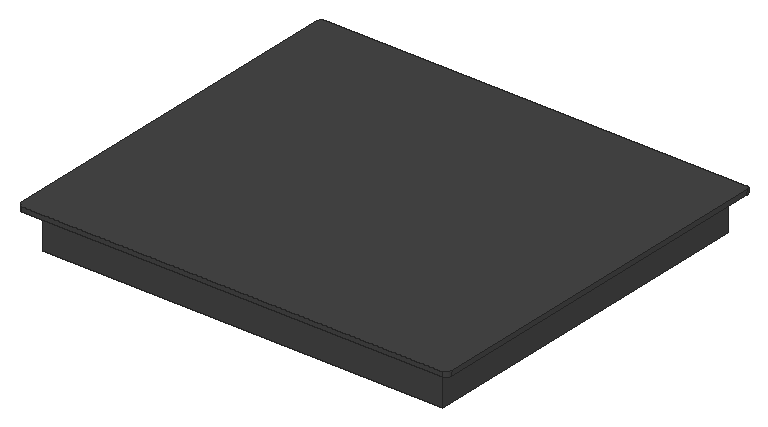
Revit family "Qf_Summit_SINC4B241B_24 inches 208-240V 4-Zone Induction Cooktop", category Specialty Equipment, Revit 2020
Family settings
  Round Connector Dimension = Use Diameter
  Part Type = Normal
  Work Plane-Based = No
  Always vertical = Yes
  Cut with Voids When Loaded = No
  Shared = No
  Room Calculation Point = No
Parameters
  Weight in Pounds = 25
  Watts = FL Amps * Volts  # 7200 W
  Volts = 240 V
  URL Cutsheet = ""
  Specification by User = ""
  Specification by Manufacturer = ""
  Show Clearance [instance] = yes
  Serial Number = ""
  Seismic Rating = ""
  SMACNA No = ""
  Revision Code = ""
  Phase = 1
  Number of Poles = 1
  NAFEM Spec ID Number = ""
  Model = "SINC4B241B"
  Min Ckt Ampacity = 0 A
  Max Overcurrent Protection = 0 A
  Masterspec = ""
  Manufacturer = "Summit"
  Length = 23 1/4"
  Item Number = ""
  Installed By = ""
  Identify Quantity as Lot = yes
  Height = 2"
  HP = ""
  Furnished By = ""
  Foodservice Equipment Identifier = yes
  FL Amps = 30 A
  Electrical Remarks = ""
  Electric Connection Type = ""
  Elec Conn RI Height = 0"
  Elec Conn Connection Height = 0"
  Description = "24\" Wide 208-240V 4-Zone Induction Cooktop"
  Depth = 20 1/2"
  Default Elevation = 0"
  Cycle = 60 Hz
  Conn Plug = ""
  Conn Conduit = yes
  CSI MasterFormat = ""
  Apparent Power = 828 VA
Reference planes (in)
  plane 1: z = 0
  plane 2 "LEFT": x = 0
  plane 3 "RIGHT": x = 23.25
  plane 4 "FRONT": y = -21.25
  plane 5 "TOP": z = 2
  plane 6 "Center Y": x = 11.625
  plane 7 "Center X": y = -11
  plane 8 "BACK": y = -0.75
  plane 9: z = 2.25
  plane 10: x = 22.4375
  plane 11: x = 0.8125
  plane 12: y = -1.3125
  plane 13: y = -20.5625
Forms (in)
  Extrusion 1, solid, material "QF_Metallic_Paint_Black_Glossy"
    sketch origin (0, 0, 0) x (1, 0, 0) y (0, 1, 0)
      loop
        line (0, -1) -> (0, -20.9375)
        arc (0, -20.9375) -> (0.06782, -21.13949) -> (0.25, -21.25) r 0.31002
        line (0.25, -21.25) -> (23, -21.25)
        arc (23, -21.25) -> (23.18218, -21.13949) -> (23.25, -20.9375) r 0.31002
        line (23.25, -20.9375) -> (23.25, -1)
        arc (23.25, -1) -> (23.17678, -0.82322) -> (23, -0.75) r 0.25
        line (23, -0.75) -> (0.25, -0.75)
        arc (0.25, -0.75) -> (0.07322, -0.82322) -> (0, -1) r 0.25
    from 2 to 2.25
  Extrusion 2, solid, material "QF_Metallic_Paint_Black_Glossy"
    sketch origin (0, 0, 0) x (1, 0, 0) y (0, 1, 0)
      loop
        line (0.8125, -20.5625) -> (22.4375, -20.5625) -> (22.4375, -1.3125) -> (0.8125, -1.3125) -> (0.8125, -20.5625)
    from 0 to 2
  Extrusion 3, solid, material "QF_Metallic_Paint_Black_Glossy"
    sketch origin (1.75, -19.5, 18.75) x (1, 0, 0) y (0, 0, 1)
      loop
        circle (9.875, -17.80912) r 0.25
    from -18.75 to -18.1875
Cuts and joins
  joined: Extrusion 2, Extrusion 3
Lines and regions (in)
  Split face 1
    outline origin (0, 0, 2.25) x (1, 0, 0) y (0, 1, 0)
      loop
        circle (6, -13.75) r 4.125
  Split face 2
    outline origin (11.5, 7.46819, 2.25) x (1, 0, 0) y (0, 1, 0)
      loop
        circle (6, -13.75) r 4.125
  Split face 3
    outline origin (11.5, -1.375, 2.25) x (1, 0, 0) y (0, 1, 0)
      loop
        circle (6, -13.375) r 3.125
  Split face 4
    outline origin (0, 8.125, 2.25) x (1, 0, 0) y (0, 1, 0)
      loop
        circle (6, -13.375) r 3.125
  Split face 5
    outline origin (0, 0, 2.25) x (1, 0, 0) y (0, 1, 0)
      loop
        arc (1.46084, -1.96656) -> (1.33611, -1.99586) -> (1.21257, -2.02981) r 3.41796
        line (1.21257, -2.02981) -> (1.21257, -2.25177)
        arc (1.21257, -2.25177) -> (1.29303, -2.28553) -> (1.37512, -2.31512) r 1.69989
        arc (1.37512, -2.31512) -> (1.29445, -2.31552) -> (1.21378, -2.31581) r 56.83919
        arc (1.21378, -2.31581) -> (1.21298, -2.38844) -> (1.21297, -2.46107) r 6.69198
        arc (1.21297, -2.46107) -> (1.33682, -2.46166) -> (1.46067, -2.46155) r 22.00507
        arc (1.46067, -2.46155) -> (1.46144, -2.31385) -> (1.46184, -2.16615) r 57.82097
        arc (1.46184, -2.16615) -> (1.38954, -2.16643) -> (1.31724, -2.16748) r 6.80227
        line (1.31724, -2.16748) -> (1.4612, -2.10932)
        arc (1.4612, -2.10932) -> (1.46177, -2.03794) -> (1.46084, -1.96656) r 3.38174
  Split face 6
    outline origin (0.32748, 0.08775, 2.25) x (1, 0, 0) y (0, 1, 0)
      loop
        arc (1.18846, -2.04192) -> (1.18798, -2.29547) -> (1.18731, -2.54902) r 348.03451
        arc (1.18731, -2.54902) -> (1.32534, -2.54998) -> (1.46337, -2.54969) r 15.27091
        line (1.46337, -2.54969) -> (1.4658, -1.97067)
        arc (1.4658, -1.97067) -> (1.40549, -1.98584) -> (1.34535, -2.00166) r 5.81974
        arc (1.34535, -2.00166) -> (1.34567, -2.18825) -> (1.34526, -2.37484) r 48.29115
        arc (1.34526, -2.37484) -> (1.34369, -2.40576) -> (1.32634, -2.43139) r 0.05762
        arc (1.32634, -2.43139) -> (1.30851, -2.40402) -> (1.30885, -2.37137) r 0.05637
        arc (1.30885, -2.37137) -> (1.30628, -2.19124) -> (1.30626, -2.01109) r 12.71544
        arc (1.30626, -2.01109) -> (1.24733, -2.0264) -> (1.18846, -2.04192) r 17.52104
  Split face 7
    outline origin (0.77528, 0.1994, 2.25) x (1, 0, 0) y (0, 1, 0)
      loop
        arc (1.18833, -2.04142) -> (1.13036, -2.0563) -> (1.0723, -2.0708) r 9.01053
        line (1.0723, -2.0708) -> (1.0723, -2.66096) -> (1.17974, -2.66061)
        arc (1.17974, -2.66061) -> (1.17837, -2.58629) -> (1.18321, -2.51211) r 0.88988
        arc (1.18321, -2.51211) -> (1.21323, -2.58427) -> (1.2259, -2.6614) r 0.33829
        arc (1.2259, -2.6614) -> (1.26284, -2.66122) -> (1.29978, -2.66138) r 4.02643
        arc (1.29978, -2.66138) -> (1.3167, -2.56853) -> (1.33483, -2.47591) r 7.17478
        arc (1.33483, -2.47591) -> (1.33803, -2.45649) -> (1.34895, -2.44012) r 0.04662
        arc (1.34895, -2.44012) -> (1.35578, -2.46102) -> (1.35556, -2.48302) r 0.06776
        arc (1.35556, -2.48302) -> (1.35457, -2.57198) -> (1.35415, -2.66094) r 13.87596
        arc (1.35415, -2.66094) -> (1.41012, -2.66109) -> (1.46608, -2.66099) r 12.38941
        line (1.46608, -2.66099) -> (1.46564, -1.97015)
        arc (1.46564, -1.97015) -> (1.40477, -1.98627) -> (1.34356, -2.00105) r 2.87858
        arc (1.34356, -2.00105) -> (1.31608, -2.16273) -> (1.28697, -2.32414) r 16.38927
        arc (1.28697, -2.32414) -> (1.28342, -2.33945) -> (1.27247, -2.35072) r 0.02931
        arc (1.27247, -2.35072) -> (1.25583, -2.32192) -> (1.2494, -2.28929) r 0.10139
        arc (1.2494, -2.28929) -> (1.21856, -2.16543) -> (1.18833, -2.04142) r 25.67724
  Split face 8
    outline origin (1.25317, 0.1994, 2.25) x (1, 0, 0) y (0, 1, 0)
      loop
        arc (1.16519, -2.00109) -> (1.10404, -1.98624) -> (1.04319, -1.9702) r 3.23537
        line (1.04319, -1.9702) -> (1.04266, -2.66099)
        arc (1.04266, -2.66099) -> (1.09863, -2.66109) -> (1.15461, -2.66094) r 12.39444
        arc (1.15461, -2.66094) -> (1.15416, -2.5719) -> (1.15316, -2.48286) r 14.11448
        arc (1.15316, -2.48286) -> (1.15299, -2.46094) -> (1.15982, -2.44012) r 0.06789
        arc (1.15982, -2.44012) -> (1.17075, -2.45651) -> (1.17394, -2.47595) r 0.04659
        arc (1.17394, -2.47595) -> (1.19206, -2.56855) -> (1.20897, -2.66138) r 7.24307
        arc (1.20897, -2.66138) -> (1.24593, -2.66122) -> (1.28289, -2.6614) r 4.02906
        arc (1.28289, -2.6614) -> (1.29554, -2.58427) -> (1.32558, -2.51211) r 0.3379
        arc (1.32558, -2.51211) -> (1.33038, -2.58629) -> (1.32903, -2.66061) r 0.89684
        line (1.32903, -2.66061) -> (1.43641, -2.66096) -> (1.43641, -2.0708)
        arc (1.43641, -2.0708) -> (1.37839, -2.0563) -> (1.32047, -2.04142) r 9.14137
        arc (1.32047, -2.04142) -> (1.29018, -2.16541) -> (1.25929, -2.28925) r 26.57757
        arc (1.25929, -2.28925) -> (1.2529, -2.32192) -> (1.23622, -2.35073) r 0.10091
        arc (1.23622, -2.35073) -> (1.2253, -2.33942) -> (1.2218, -2.32409) r 0.02927
        arc (1.2218, -2.32409) -> (1.19267, -2.16274) -> (1.16519, -2.00109) r 16.0015
  Split face 9
    outline origin (1.48385, 0.14123, 2.25) x (1, 0, 0) y (0, 1, 0)
      loop
        line (1.2612, -2.08344) -> (1.2612, -2.60308)
        arc (1.2612, -2.60308) -> (1.32479, -2.60343) -> (1.38839, -2.60265) r 3.58564
        arc (1.38839, -2.60265) -> (1.38863, -2.33138) -> (1.38903, -2.06011) r 432.84498
        arc (1.38903, -2.06011) -> (1.32546, -2.04385) -> (1.26173, -2.02822) r 6.58774
        arc (1.26173, -2.02822) -> (1.26137, -2.05583) -> (1.2612, -2.08344) r 4.03767
  Split face 10
    outline origin (2.02093, 0.14123, 2.25) x (1, 0, 0) y (0, 1, 0)
      loop
        arc (0.90317, -2.07431) -> (0.90314, -2.14037) -> (0.90316, -2.20643) r 108.79921
        line (0.90316, -2.20643) -> (1.02491, -2.23791) -> (1.02559, -2.603) -> (1.15226, -2.60321) -> (1.15226, -2.43703) -> (1.15226, -2.27084) -> (1.27836, -2.30322)
        arc (1.27836, -2.30322) -> (1.2783, -2.23759) -> (1.27838, -2.17195) r 28.91032
        arc (1.27838, -2.17195) -> (1.0906, -2.1238) -> (0.90317, -2.07431) r 27.07386
  Split face 11
    outline origin (0, 0, 2.25) x (1, 0, 0) y (0, 1, 0)
      loop
        circle (6, -5.25) r 3.07495
  Split face 12
    outline origin (11.5, -9.5, 2.25) x (1, 0, 0) y (0, 1, 0)
      loop
        circle (6, -5.25) r 2.88432
  Split face 13
    outline origin (0, 0, 2.25) x (1, 0, 0) y (0, 1, 0)
      loop
        circle (17.5, -6.25) r 4.07036
  Split face 14
    outline origin (-11.5, -7.46819, 2.25) x (1, 0, 0) y (0, 1, 0)
      loop
        circle (17.5, -6.25) r 3.8775
  Split face 15
    outline origin (11.5, -9.5, 2.25) x (1, 0, 0) y (0, 1, 0)
      loop
        circle (6, -5.25) r 3.07495
  Split face 16
    outline origin (0, 0, 2.25) x (1, 0, 0) y (0, 1, 0)
      loop
        circle (6, -5.25) r 2.9375
  Split face 17
    outline origin (11.5, -9.5, 2.25) x (1, 0, 0) y (0, 1, 0)
      loop
        circle (6, -5.25) r 2.9375
  Split face 18
    outline origin (0, 0, 2.25) x (1, 0, 0) y (0, 1, 0)
      loop
        circle (6, -5.25) r 2.88432
  Split face 19
    outline origin (-11.5, -7.5, 2.25) x (1, 0, 0) y (0, 1, 0)
      loop
        circle (17.5, -6.25) r 4.07036
  Split face 20
    outline origin (0, 0, 2.25) x (1, 0, 0) y (0, 1, 0)
      loop
        circle (17.5, -6.25) r 3.81335
  Split face 21
    outline origin (-11.5, -7.5, 2.25) x (1, 0, 0) y (0, 1, 0)
      loop
        circle (17.5, -6.25) r 3.81335
  Split face 22
    outline origin (0, 0.03181, 2.25) x (1, 0, 0) y (0, 1, 0)
      loop
        circle (17.5, -6.25) r 3.8775
  Split face 23
    outline origin (3.20922, 0.7607, 2.25) x (1, 0, 0) y (0, 1, 0)
      loop
        circle (7.5, -19.75) r 0.375
  Split face 24
    outline origin (5.20922, 0.7607, 2.25) x (1, 0, 0) y (0, 1, 0)
      loop
        circle (7.5, -19.75) r 0.375
  Split face 25
    outline origin (7.25, 0, 2.25) x (1, 0, 0) y (0, 1, 0)
      loop
        circle (7.5, -19.75) r 0.375
  Split face 26
    outline origin (8.25, 0, 2.25) x (1, 0, 0) y (0, 1, 0)
      loop
        circle (7.5, -19.75) r 0.375
  Split face 27
    outline origin (9.15298, 0, 2.25) x (1, 0, 0) y (0, 1, 0)
      loop
        circle (6.59702, -19.75) r 0.21256
  Split face 28
    outline origin (8.15298, 0, 2.25) x (1, 0, 0) y (0, 1, 0)
      loop
        circle (6.59702, -19.75) r 0.34194
  Split face 29
    outline origin (16.02071, 1.0067, 2.25) x (0, 1, 0) y (-1, 0, 0)
      loop
        circle (-19.85939, 5.45621) r 0.14044
  Split face 30
    outline origin (15.32497, 0.53848, 2.25) x (0, 1, 0) y (-1, 0, 0)
      loop
        line (-20.35095, 5.6138) -> (-20.53848, 5.61575) -> (-20.53848, 1.61575) -> (-20.16348, 1.61575) -> (-20.35095, 5.6138)
  Split face 31
    outline origin (15.38129, 1.0067, 2.25) x (0, 1, 0) y (-1, 0, 0)
      loop
        circle (-19.85987, 4.81773) r 0.13153
  Split face 32
    outline origin (15.82315, 1.39926, 2.25) x (0, 1, 0) y (-1, 0, 0)
      loop
        circle (-19.85987, 4.81773) r 0.13153
  Split face 33
    outline origin (15.6366, 1.28577, 2.25) x (0, 1, 0) y (-1, 0, 0)
      loop
        circle (-20.27405, 4.92738) r 0.36076
  Split face 34
    outline origin (7.39773, 1.0067, 2.25) x (1, 0, 0) y (0, 1, 0)
      loop
        circle (5.45621, -19.85939) r 0.14044
  Split face 35
    outline origin (8.03716, 1.0067, 2.25) x (1, 0, 0) y (0, 1, 0)
      loop
        circle (4.81773, -19.85987) r 0.13153
  Split face 36
    outline origin (7.78185, 1.28577, 2.25) x (1, 0, 0) y (0, 1, 0)
      loop
        circle (4.92738, -20.27405) r 0.36076
  Split face 37
    outline origin (8.10819, 0.8548, 2.25) x (1, 0, 0) y (0, 1, 0)
      loop
        circle (6.64074, -20.60504) r 0.33037
  Split face 38
    outline origin (7.38715, 1.25448, 2.25) x (1, 0, 0) y (0, 1, 0)
      loop
        circle (7.36178, -21.00472) r 0.36442
  Split face 39
    outline origin (9.10819, 0.8548, 2.25) x (1, 0, 0) y (0, 1, 0)
      loop
        circle (6.64074, -20.60504) r 0.23196
  Split face 40
    outline origin (8.38715, 1.25448, 2.25) x (1, 0, 0) y (0, 1, 0)
      loop
        circle (7.36178, -21.00472) r 0.36024
  Split face 41
    outline origin (1, 0, 2.25) x (1, 0, 0) y (0, 1, 0)
      loop
        circle (7.5, -19.75) r 0.375
  Split face 42
    outline origin (1.90298, 0, 2.25) x (1, 0, 0) y (0, 1, 0)
      loop
        circle (6.59702, -19.75) r 0.34194
  Split face 43
    outline origin (1.85819, 0.8548, 2.25) x (1, 0, 0) y (0, 1, 0)
      loop
        circle (6.64074, -20.60504) r 0.33037
  Split face 44
    outline origin (1.13715, 1.25448, 2.25) x (1, 0, 0) y (0, 1, 0)
      loop
        circle (7.36178, -21.00472) r 0.36442
  Split face 45
    outline origin (0, 0, 2.25) x (1, 0, 0) y (0, 1, 0)
      loop
        circle (7.5, -19.75) r 0.375
  Split face 46
    outline origin (0.90298, 0, 2.25) x (1, 0, 0) y (0, 1, 0)
      loop
        circle (6.59702, -19.75) r 0.34194
  Split face 47
    outline origin (0.85819, 0.8548, 2.25) x (1, 0, 0) y (0, 1, 0)
      loop
        circle (6.64074, -20.60504) r 0.33037
  Split face 48
    outline origin (0.13715, 1.25448, 2.25) x (1, 0, 0) y (0, 1, 0)
      loop
        circle (7.36178, -21.00472) r 0.36442
  symbolic lines
    curve 1: line (23, -0.75, 0) -> (0.25, -0.75, 0)
    curve 2: arc (0.25, -0.75, 0) -> (0.07322, -0.82322, 0) -> (0, -1, 0) r 0.25
    curve 3: line (0, -1, 0) -> (0, -20.9375, 0)
    curve 4: arc (0, -20.9375, 0) -> (0.06782, -21.13949, 0) -> (0.25, -21.25, 0) r 0.31002
    curve 5: line (0.25, -21.25, 0) -> (23, -21.25, 0)
    curve 6: arc (23, -21.25, 0) -> (23.18218, -21.13949, 0) -> (23.25, -20.9375, 0) r 0.31002
    curve 7: line (23.25, -20.9375, 0) -> (23.25, -1, 0)
    curve 8: arc (23.25, -1, 0) -> (23.17678, -0.82322, 0) -> (23, -0.75, 0) r 0.25
    curve 9: arc (1.37512, -2.31512, 0) -> (1.29445, -2.31552, 0) -> (1.21378, -2.31581, 0) r 56.83919
    curve 10: arc (1.21378, -2.31581, 0) -> (1.21298, -2.38844, 0) -> (1.21297, -2.46107, 0) r 6.69198
    curve 11: arc (1.21297, -2.46107, 0) -> (1.33682, -2.46166, 0) -> (1.46067, -2.46155, 0) r 22.00507
    curve 12: arc (1.46067, -2.46155, 0) -> (1.46144, -2.31385, 0) -> (1.46184, -2.16615, 0) r 57.82097
    curve 13: arc (1.46184, -2.16615, 0) -> (1.38954, -2.16643, 0) -> (1.31724, -2.16748, 0) r 6.80227
    curve 14: line (1.31724, -2.16748, 0) -> (1.4612, -2.10932, 0)
    curve 15: arc (1.4612, -2.10932, 0) -> (1.46177, -2.03794, 0) -> (1.46084, -1.96656, 0) r 3.38174
    curve 16: arc (1.46084, -1.96656, 0) -> (1.33611, -1.99586, 0) -> (1.21257, -2.02981, 0) r 3.41796
    curve 17: line (1.21257, -2.02981, 0) -> (1.21257, -2.25177, 0)
    curve 18: arc (1.21257, -2.25177, 0) -> (1.29303, -2.28553, 0) -> (1.37512, -2.31512, 0) r 1.69989
    curve 19: arc (1.51594, -1.95417, 0) -> (1.51546, -2.20772, 0) -> (1.51479, -2.46127, 0) r 348.03451
    curve 20: arc (1.51479, -2.46127, 0) -> (1.65282, -2.46223, 0) -> (1.79085, -2.46194, 0) r 15.27091
    curve 21: line (1.79085, -2.46194, 0) -> (1.79328, -1.88292, 0)
    curve 22: arc (1.79328, -1.88292, 0) -> (1.73297, -1.89809, 0) -> (1.67283, -1.91391, 0) r 5.81974
    curve 23: arc (1.67283, -1.91391, 0) -> (1.67315, -2.1005, 0) -> (1.67274, -2.2871, 0) r 48.29115
    curve 24: arc (1.67274, -2.2871, 0) -> (1.67117, -2.31801, 0) -> (1.65382, -2.34364, 0) r 0.05762
    curve 25: arc (1.65382, -2.34364, 0) -> (1.63599, -2.31628, 0) -> (1.63633, -2.28362, 0) r 0.05637
    curve 26: arc (1.63633, -2.28362, 0) -> (1.63376, -2.10349, 0) -> (1.63374, -1.92334, 0) r 12.71544
    curve 27: arc (1.63374, -1.92334, 0) -> (1.57481, -1.93866, 0) -> (1.51594, -1.95417, 0) r 17.52104
    curve 28: line (1.84758, -1.8714, 0) -> (1.84758, -2.46156, 0)
    curve 29: line (1.84758, -2.46156, 0) -> (1.95502, -2.46121, 0)
    curve 30: arc (1.95502, -2.46121, 0) -> (1.95365, -2.38689, 0) -> (1.95849, -2.31271, 0) r 0.88988
    curve 31: arc (1.95849, -2.31271, 0) -> (1.98852, -2.38488, 0) -> (2.00118, -2.462, 0) r 0.33829
    curve 32: arc (2.00118, -2.462, 0) -> (2.03812, -2.46182, 0) -> (2.07507, -2.46198, 0) r 4.02643
    curve 33: arc (2.07507, -2.46198, 0) -> (2.09198, -2.36913, 0) -> (2.11011, -2.27651, 0) r 7.17478
    curve 34: arc (2.11011, -2.27651, 0) -> (2.11331, -2.25709, 0) -> (2.12423, -2.24072, 0) r 0.04662
    curve 35: arc (2.12423, -2.24072, 0) -> (2.13106, -2.26163, 0) -> (2.13084, -2.28362, 0) r 0.06776
    curve 36: arc (2.13084, -2.28362, 0) -> (2.12985, -2.37258, 0) -> (2.12944, -2.46154, 0) r 13.87596
    curve 37: arc (2.12944, -2.46154, 0) -> (2.1854, -2.4617, 0) -> (2.24136, -2.46159, 0) r 12.38941
    curve 38: line (2.24136, -2.46159, 0) -> (2.24092, -1.77076, 0)
    curve 39: arc (2.24092, -1.77076, 0) -> (2.18005, -1.78687, 0) -> (2.11884, -1.80165, 0) r 2.87858
    curve 40: arc (2.11884, -1.80165, 0) -> (2.09136, -1.96334, 0) -> (2.06226, -2.12474, 0) r 16.38927
    curve 41: arc (2.06226, -2.12474, 0) -> (2.05871, -2.14005, 0) -> (2.04776, -2.15132, 0) r 0.02931
    curve 42: arc (2.04776, -2.15132, 0) -> (2.03111, -2.12252, 0) -> (2.02469, -2.08989, 0) r 0.10139
    curve 43: arc (2.02469, -2.08989, 0) -> (1.99384, -1.96603, 0) -> (1.96361, -1.84202, 0) r 25.67724
    curve 44: arc (1.96361, -1.84202, 0) -> (1.90565, -1.8569, 0) -> (1.84758, -1.8714, 0) r 9.01053
    curve 45: line (2.29636, -1.7708, 0) -> (2.29583, -2.46159, 0)
    curve 46: arc (2.29583, -2.46159, 0) -> (2.3518, -2.4617, 0) -> (2.40777, -2.46154, 0) r 12.39444
    curve 47: arc (2.40777, -2.46154, 0) -> (2.40733, -2.3725, 0) -> (2.40633, -2.28346, 0) r 14.11448
    curve 48: arc (2.40633, -2.28346, 0) -> (2.40616, -2.26155, 0) -> (2.41298, -2.24072, 0) r 0.06789
    curve 49: arc (2.41298, -2.24072, 0) -> (2.42392, -2.25711, 0) -> (2.42711, -2.27655, 0) r 0.04659
    curve 50: arc (2.42711, -2.27655, 0) -> (2.44522, -2.36915, 0) -> (2.46213, -2.46198, 0) r 7.24307
    curve 51: arc (2.46213, -2.46198, 0) -> (2.4991, -2.46182, 0) -> (2.53606, -2.462, 0) r 4.02906
    curve 52: arc (2.53606, -2.462, 0) -> (2.54871, -2.38487, 0) -> (2.57875, -2.31271, 0) r 0.3379
    curve 53: arc (2.57875, -2.31271, 0) -> (2.58355, -2.38689, 0) -> (2.5822, -2.46121, 0) r 0.89684
    curve 54: line (2.5822, -2.46121, 0) -> (2.68958, -2.46156, 0)
    curve 55: line (2.68958, -2.46156, 0) -> (2.68958, -1.8714, 0)
    curve 56: arc (2.68958, -1.8714, 0) -> (2.63156, -1.8569, 0) -> (2.57364, -1.84202, 0) r 9.14137
    curve 57: arc (2.57364, -1.84202, 0) -> (2.54335, -1.96601, 0) -> (2.51246, -2.08985, 0) r 26.57757
    curve 58: arc (2.51246, -2.08985, 0) -> (2.50606, -2.12252, 0) -> (2.48939, -2.15133, 0) r 0.10091
    curve 59: arc (2.48939, -2.15133, 0) -> (2.47847, -2.14002, 0) -> (2.47497, -2.12469, 0) r 0.02927
    curve 60: arc (2.47497, -2.12469, 0) -> (2.44584, -1.96334, 0) -> (2.41835, -1.8017, 0) r 16.0015
    curve 61: arc (2.41835, -1.8017, 0) -> (2.35721, -1.78684, 0) -> (2.29636, -1.7708, 0) r 3.23537
    curve 62: line (2.74505, -1.94221, 0) -> (2.74505, -2.46185, 0)
    curve 63: arc (2.74505, -2.46185, 0) -> (2.80864, -2.46219, 0) -> (2.87224, -2.46142, 0) r 3.58564
    curve 64: arc (2.87224, -2.46142, 0) -> (2.87248, -2.19014, 0) -> (2.87289, -1.91887, 0) r 432.84498
    curve 65: arc (2.87289, -1.91887, 0) -> (2.80931, -1.90261, 0) -> (2.74558, -1.88699, 0) r 6.58774
    curve 66: arc (2.74558, -1.88699, 0) -> (2.74522, -1.9146, 0) -> (2.74505, -1.94221, 0) r 4.03767
    curve 67: line (3.04651, -2.46177, 0) -> (3.04584, -2.09667, 0)
    curve 68: line (3.04584, -2.09667, 0) -> (2.92408, -2.06519, 0)
    curve 69: arc (2.92408, -2.06519, 0) -> (2.92407, -1.99914, 0) -> (2.9241, -1.93308, 0) r 108.79921
    curve 70: arc (2.9241, -1.93308, 0) -> (3.11153, -1.98257, 0) -> (3.29931, -2.03072, 0) r 27.07386
    curve 71: arc (3.29931, -2.03072, 0) -> (3.29922, -2.09635, 0) -> (3.29929, -2.16199, 0) r 28.91032
    curve 72: line (3.29929, -2.16199, 0) -> (3.17319, -2.12961, 0)
    curve 73: line (3.17319, -2.12961, 0) -> (3.17319, -2.29579, 0)
    curve 74: line (3.17319, -2.29579, 0) -> (3.17319, -2.46198, 0)
    curve 75: line (3.17319, -2.46198, 0) -> (3.04651, -2.46177, 0)
    curve 76: arc (2.875, -5.25, 0) -> (6, -2.125, 0) -> (9.125, -5.25, 0) r 3.125
    curve 77: arc (9.125, -5.25, 0) -> (6, -8.375, 0) -> (2.875, -5.25, 0) r 3.125
    curve 78: arc (9.07495, -5.25, 0) -> (6, -2.17505, 0) -> (2.92505, -5.25, 0) r 3.07495
    curve 79: arc (2.92505, -5.25, 0) -> (6, -8.32495, 0) -> (9.07495, -5.25, 0) r 3.07495
    curve 80: arc (3.0625, -5.25, 0) -> (6, -2.3125, 0) -> (8.9375, -5.25, 0) r 2.9375
    curve 81: arc (8.9375, -5.25, 0) -> (6, -8.1875, 0) -> (3.0625, -5.25, 0) r 2.9375
    curve 82: arc (3.11568, -5.25, 0) -> (6, -2.36568, 0) -> (8.88432, -5.25, 0) r 2.88432
    curve 83: arc (8.88432, -5.25, 0) -> (6, -8.13432, 0) -> (3.11568, -5.25, 0) r 2.88432
    curve 84: arc (21.57036, -6.25, 0) -> (17.5, -2.17964, 0) -> (13.42964, -6.25, 0) r 4.07036
    curve 85: arc (13.42964, -6.25, 0) -> (17.5, -10.32036, 0) -> (21.57036, -6.25, 0) r 4.07036
    curve 86: arc (21.625, -6.28181, 0) -> (17.5, -2.15681, 0) -> (13.375, -6.28181, 0) r 4.125
    curve 87: arc (13.375, -6.28181, 0) -> (17.5, -10.40681, 0) -> (21.625, -6.28181, 0) r 4.125
    curve 88: arc (21.3775, -6.21819, 0) -> (17.5, -2.34069, 0) -> (13.6225, -6.21819, 0) r 3.8775
    curve 89: arc (13.6225, -6.21819, 0) -> (17.5, -10.09569, 0) -> (21.3775, -6.21819, 0) r 3.8775
    curve 90: arc (21.31335, -6.25, 0) -> (17.5, -2.43665, 0) -> (13.68665, -6.25, 0) r 3.81335
    curve 91: arc (13.68665, -6.25, 0) -> (17.5, -10.06335, 0) -> (21.31335, -6.25, 0) r 3.81335
    curve 92: arc (20.57495, -14.75, 0) -> (17.5, -11.67505, 0) -> (14.42505, -14.75, 0) r 3.07495
    curve 93: arc (14.42505, -14.75, 0) -> (17.5, -17.82495, 0) -> (20.57495, -14.75, 0) r 3.07495
    curve 94: arc (20.625, -14.75, 0) -> (17.5, -11.625, 0) -> (14.375, -14.75, 0) r 3.125
    curve 95: arc (14.375, -14.75, 0) -> (17.5, -17.875, 0) -> (20.625, -14.75, 0) r 3.125
    curve 96: arc (14.61568, -14.75, 0) -> (17.5, -11.86568, 0) -> (20.38432, -14.75, 0) r 2.88432
    curve 97: arc (20.38432, -14.75, 0) -> (17.5, -17.63432, 0) -> (14.61568, -14.75, 0) r 2.88432
    curve 98: arc (14.5625, -14.75, 0) -> (17.5, -11.8125, 0) -> (20.4375, -14.75, 0) r 2.9375
    curve 99: arc (20.4375, -14.75, 0) -> (17.5, -17.6875, 0) -> (14.5625, -14.75, 0) r 2.9375
    curve 100: arc (2.1225, -13.71819, 0) -> (6, -17.59569, 0) -> (9.8775, -13.71819, 0) r 3.8775
    curve 101: arc (9.8775, -13.71819, 0) -> (6, -9.84069, 0) -> (2.1225, -13.71819, 0) r 3.8775
    curve 102: arc (2.18665, -13.75, 0) -> (6, -17.56335, 0) -> (9.81335, -13.75, 0) r 3.81335
    curve 103: arc (9.81335, -13.75, 0) -> (6, -9.93665, 0) -> (2.18665, -13.75, 0) r 3.81335
    curve 104: arc (1.92964, -13.75, 0) -> (6, -17.82036, 0) -> (10.07036, -13.75, 0) r 4.07036
    curve 105: arc (10.07036, -13.75, 0) -> (6, -9.67964, 0) -> (1.92964, -13.75, 0) r 4.07036
    curve 106: arc (1.875, -13.75, 0) -> (6, -17.875, 0) -> (10.125, -13.75, 0) r 4.125
    curve 107: arc (10.125, -13.75, 0) -> (6, -9.625, 0) -> (1.875, -13.75, 0) r 4.125
    curve 108: arc (7.125, -19.75, 0) -> (7.5, -19.375, 0) -> (7.875, -19.75, 0) r 0.375
    curve 109: arc (7.875, -19.75, 0) -> (7.5, -20.125, 0) -> (7.125, -19.75, 0) r 0.375
    curve 110: arc (7.8293, -19.75024, 0) -> (7.49893, -19.41987, 0) -> (7.16856, -19.75024, 0) r 0.33037
    curve 111: arc (7.16856, -19.75024, 0) -> (7.49893, -20.08061, 0) -> (7.8293, -19.75024, 0) r 0.33037
    curve 112: arc (8.125, -19.75, 0) -> (8.5, -19.375, 0) -> (8.875, -19.75, 0) r 0.375
    curve 113: arc (8.875, -19.75, 0) -> (8.5, -20.125, 0) -> (8.125, -19.75, 0) r 0.375
    curve 114: arc (8.8293, -19.75024, 0) -> (8.49893, -19.41987, 0) -> (8.16856, -19.75024, 0) r 0.33037
    curve 115: arc (8.16856, -19.75024, 0) -> (8.49893, -20.08061, 0) -> (8.8293, -19.75024, 0) r 0.33037
    curve 116: arc (11.08422, -18.9893, 0) -> (10.70922, -19.3643, 0) -> (10.33422, -18.9893, 0) r 0.375
    curve 117: arc (10.33422, -18.9893, 0) -> (10.70922, -18.6143, 0) -> (11.08422, -18.9893, 0) r 0.375
    curve 118: arc (10.5645, -18.99314, 0) -> (10.42405, -18.8527, 0) -> (10.5645, -18.71225, 0) r 0.14044
    curve 119: arc (10.5645, -18.71225, 0) -> (10.70494, -18.8527, 0) -> (10.5645, -18.99314, 0) r 0.14044
    curve 120: line (9.71117, -19.81247, 0) -> (13.70922, -19.625, 0)
    curve 121: line (13.70922, -19.625, 0) -> (13.70922, -20, 0)
    curve 122: line (13.70922, -20, 0) -> (9.70922, -20, 0)
    curve 123: line (9.70922, -20, 0) -> (9.71117, -19.81247, 0)
    curve 124: arc (13.08422, -18.9893, 0) -> (12.70922, -19.3643, 0) -> (12.33422, -18.9893, 0) r 0.375
    curve 125: arc (12.33422, -18.9893, 0) -> (12.70922, -18.6143, 0) -> (13.08422, -18.9893, 0) r 0.375
    curve 126: arc (12.99439, -18.8527, 0) -> (12.85395, -18.99314, 0) -> (12.7135, -18.8527, 0) r 0.14044
    curve 127: arc (12.7135, -18.8527, 0) -> (12.85395, -18.71225, 0) -> (12.99439, -18.8527, 0) r 0.14044
    curve 128: arc (15.125, -19.75, 0) -> (14.75, -20.125, 0) -> (14.375, -19.75, 0) r 0.375
    curve 129: arc (14.375, -19.75, 0) -> (14.75, -19.375, 0) -> (15.125, -19.75, 0) r 0.375
    curve 130: arc (14.41856, -19.75024, 0) -> (14.74893, -20.08061, 0) -> (15.0793, -19.75024, 0) r 0.33037
    curve 131: arc (15.0793, -19.75024, 0) -> (14.74893, -19.41987, 0) -> (14.41856, -19.75024, 0) r 0.33037
    curve 132: arc (15.53744, -19.75, 0) -> (15.75, -19.96256, 0) -> (15.96256, -19.75, 0) r 0.21256
    curve 133: arc (15.96256, -19.75, 0) -> (15.75, -19.53744, 0) -> (15.53744, -19.75, 0) r 0.21256
    curve 134: arc (16.125, -19.75, 0) -> (15.75, -20.125, 0) -> (15.375, -19.75, 0) r 0.375
    curve 135: arc (15.375, -19.75, 0) -> (15.75, -19.375, 0) -> (16.125, -19.75, 0) r 0.375
Dimensions and locks (in)
  equal spacing: plane 2 "LEFT", plane 6 "Center Y", plane 3 "RIGHT"
  "Length": plane 2 "LEFT" to plane 3 "RIGHT"
  equal spacing: plane 4 "FRONT", plane 7 "Center X", plane 8 "BACK"
  "Height": plane 5 "TOP" to level
  plane 5 "TOP" to level = 2"
  "Depth": plane 4 "FRONT" to plane 8 "BACK"
  plane 9 to plane 5 "TOP" = 1/4"
  plane 10 to plane 11 = 21 5/8"
  plane 3 "RIGHT" to plane 2 "LEFT" = 23 1/4"
  plane 11 to plane 2 "LEFT" = 13/16"
  plane 10 to plane 3 "RIGHT" = 13/16"
  plane 12 to plane 13 = 19 1/4"
  aligned and locked: level to plane 1
  aligned and locked: plane 5 "TOP" to Extrusion 2
  aligned and locked: Extrusion 1 to plane 5 "TOP"
  aligned and locked: plane 9 to Extrusion 1
  aligned and locked: Extrusion 3 to plane 8 "BACK"
  aligned and locked: plane 12 to Extrusion 3
Automatic sketch dimensions
  curve 76 to curve 79 = 0"
  curve 77 to curve 79 = 0"
  curve 78 to curve 80 = 0"  (x2)
  curve 78 to curve 82 = 0"  (x2)
  curve 84 to curve 90 = 0"  (x2)
  curve 92 to curve 94 = 0"
  curve 92 to curve 97 = 0"
  curve 93 to curve 96 = 0"
  curve 95 to curve 99 = 0"  (x2)
  curve 97 to curve 99 = 0"
  curve 102 to curve 106 = 0"
  curve 103 to curve 105 = 0"  (x2)
  curve 105 to curve 107 = 0"
  curve 2 to plane 2 "LEFT" = 0"
  plane 8 "BACK" to curve 1 = 0"
  plane 4 "FRONT" to curve 4 = 0"
  curve 7 to plane 3 "RIGHT" = 0"
  curve 44 to plane 2 "LEFT" = 0.30619"
  curve 15 to plane 2 "LEFT" = 1.91995"
  curve 50 to curve 15 = 2.75201"
  plane 12 to curve 47 = 1.17488"
  curve 47 to curve 50 = 7.03471"
  curve 40 to plane 8 "BACK" = 1.61395"
  curve 40 to curve 47 = 2.34552"
  curve 57 to plane 8 "BACK" = 5.15354"
  curve 57 to curve 40 = 9.20747"
  plane 12 to curve 23 = 0.77693"
  curve 23 to curve 57 = 23.35833"
  plane 12 to curve 12 = 0.77117"
  curve 12 to curve 23 = 9.74106"
  plane 12 to curve 19 = 0.10773"
  curve 19 to curve 12 = 290.1591"
  plane 2 "LEFT" to curve 1 = 1/4"
  plane 2 "LEFT" to curve 5 = 1/4"
  curve 4 to plane 4 "FRONT" = 0.30417"
  plane 2 "LEFT" to curve 4 = 0.3099"
  plane 11 to curve 9 = 0.23761"
  plane 11 to curve 65 = 0.3963"
  plane 11 to curve 17 = 0.40007"
  curve 17 to curve 14 = 0.10467"
  plane 11 to curve 11 = 0.56689"
  plane 11 to curve 13 = 0.63964"
  curve 14 to curve 14 = 0.14396"
  plane 11 to curve 39 = 0.66139"
  curve 14 to curve 24 = 0.15532"
  curve 24 to curve 31 = 0.04674"
  curve 31 to curve 53 = 0.02369"
  plane 11 to curve 20 = 0.87726"
  curve 24 to curve 25 = 0.07359"
  curve 53 to curve 21 = 0.10389"
  curve 14 to curve 21 = 0.33208"
  curve 22 to curve 28 = 0.05431"
  curve 18 to plane 8 "BACK" = 0.04835"
  plane 11 to curve 18 = 1.09776"
  curve 28 to curve 29 = 0.10744"
  curve 44 to curve 41 = 0.18539"
  plane 11 to curve 32 = 1.22699"
  curve 41 to curve 35 = 0.03112"
  curve 41 to curve 42 = 0.09305"
  curve 35 to curve 34 = 0.09258"
  curve 32 to curve 16 = 0.14048"
  plane 11 to curve 37 = 1.37854"
  plane 12 to curve 38 = 0.45826"
  curve 42 to curve 38 = 0.11489"
  curve 34 to curve 38 = 0.08469"
  curve 38 to curve 45 = 0.05447"
  plane 12 to curve 45 = 0.4583"
  curve 38 to curve 45 = 0.05544"
  curve 37 to curve 46 = 0.15512"
  curve 45 to curve 49 = 0.08474"
  curve 49 to curve 58 = 0.03101"
  curve 49 to curve 48 = 0.09267"
  curve 32 to curve 51 = 0.45825"
  curve 58 to curve 59 = 0.09262"
  plane 12 to curve 54 = 1.14871"
  curve 48 to curve 54 = 0.10895"
  curve 59 to curve 55 = 0.18538"
  curve 55 to curve 62 = 0.05546"
  curve 39 to curve 63 = 1.32267"
  curve 62 to curve 30 = 0.09825"
  curve 30 to curve 52 = 0.0303"
  plane 12 to curve 68 = 0.75269"
  curve 66 to curve 68 = 0.17904"
  plane 12 to curve 67 = 0.78417"
  curve 68 to curve 67 = 0.12176"
  curve 52 to curve 67 = 0.17292"
  curve 63 to curve 61 = 0.35497"
  curve 67 to curve 74 = 0.12668"
  curve 51 to curve 22 = 0.68546"
  plane 12 to curve 72 = 0.84949"
  curve 72 to curve 72 = 0.12609"
  curve 46 to curve 56 = 2.53102"
  plane 11 to curve 103 = 5 3/16"
  curve 101 to curve 102 = 0"
  curve 22 to curve 76 = 2.81681"
  plane 13 to curve 27 = 1.6737"
  curve 102 to curve 27 = 0.01098"
  plane 12 to curve 66 = 0.64117"
  curve 76 to curve 66 = 0.7827"
  curve 66 to curve 10 = 1.12216"
  curve 10 to curve 33 = 1.23714"
  curve 70 to plane 6 "Center Y" = 1.69551"
  plane 12 to curve 26 = 0.69954"
  plane 6 "Center Y" to curve 26 = 2.72387"
  curve 26 to curve 36 = 1.65652"
  curve 36 to curve 86 = 1.49461"
  curve 85 to curve 87 = 0"
  plane 10 to curve 93 = 4 15/16"
  curve 88 to curve 84 = 0"
  curve 36 to curve 60 = 2.20165"
  curve 6 to plane 4 "FRONT" = 0.30417"
  plane 3 "RIGHT" to curve 6 = 0.3099"
  plane 3 "RIGHT" to curve 8 = 1/4"
  plane 3 "RIGHT" to curve 5 = 1/4"
  curve 43 to plane 3 "RIGHT" = 3.67544"
  plane 12 to curve 71 = 0.78946"
  curve 43 to curve 71 = 5.2841"
  plane 12 to curve 69 = 0.69527"
  curve 71 to curve 69 = 79.51374"
  plane 12 to curve 64 = 1.39374"
  curve 69 to curve 64 = 323.99387"
  curve 96 to plane 7 "Center X" = 3 3/4"
  curve 102 to plane 7 "Center X" = 2 3/4"
  curve 102 to curve 101 = 0.03181"
  plane 7 "Center X" to curve 13 = 2.03158"
  curve 13 to curve 65 = 0.67544"
  curve 65 to curve 22 = 0.75873"
  curve 22 to curve 51 = 1.04337"
  curve 51 to curve 32 = 0.00263"
  plane 7 "Center X" to curve 87 = 4.71819"
  curve 87 to curve 90 = 0.03181"
  curve 84 to curve 89 = 0.03181"
  curve 32 to curve 16 = 1.18024"
  curve 77 to curve 66 = 3.29633"
  plane 12 to curve 50 = 2.40115"
  curve 76 to curve 33 = 1.54868"
  plane 12 to curve 36 = 1.16934"
  curve 31 to curve 39 = 0.70714"
  curve 52 to curve 53 = 0.01656"
  curve 52 to curve 74 = 0.01579"
  curve 31 to curve 21 = 0.01595"
  curve 52 to curve 62 = 0.01593"
  curve 74 to curve 67 = 0.00021"
  curve 38 to curve 54 = 0.00038"
  curve 38 to curve 45 = 0"
  curve 63 to curve 55 = 0.00028"
  curve 20 to curve 29 = 0.00038"
  curve 28 to curve 29 = 0.00035"
  plane 12 to curve 10 = 1.11311"
  curve 31 to curve 53 = 0.07016"
  curve 52 to curve 30 = 0.07012"
  curve 53 to curve 25 = 0.10722"
  curve 25 to curve 24 = 0.00079"
  curve 74 to curve 73 = 0.16618"
  curve 38 to curve 34 = 0.18739"
  curve 45 to curve 49 = 0.1874"
  curve 49 to curve 48 = 0.0022"
  curve 34 to curve 35 = 0.00226"
  curve 24 to curve 17 = 0.04795"
  curve 17 to curve 14 = 0.08429"
  curve 72 to curve 72 = 0.03238"
  curve 48 to curve 59 = 0.14591"
  curve 35 to curve 41 = 0.14592"
  curve 14 to curve 14 = 0.05817"
  curve 59 to curve 58 = 0.03902"
  curve 41 to curve 42 = 0.03913"
  plane 12 to curve 15 = 0.73407"
  curve 14 to curve 17 = 0.13767"
  curve 69 to curve 62 = 0.12299"
  curve 41 to curve 21 = 0.2431"
  curve 22 to curve 28 = 0.01152"
  curve 62 to curve 55 = 0.0708"
  curve 60 to plane 8 "BACK" = 1.54937"
  curve 39 to plane 8 "BACK" = 1.75375"
  curve 39 to curve 63 = 0.11967"
  curve 63 to curve 61 = 0.22608"
  curve 43 to plane 8 "BACK" = 4.92693"
  curve 39 to curve 44 = 5.87418"
  curve 44 to curve 56 = 0.12643"
  curve 44 to curve 37 = 3.04978"
  curve 37 to curve 46 = 0.00503"
  curve 37 to curve 20 = 2.88093"
  curve 20 to curve 11 = 6.73472"
  curve 11 to curve 70 = 4.67539"
  curve 70 to curve 9 = 30.30439"
  curve 18 to curve 10 = 0.0004"
  curve 18 to curve 9 = 0.00121"
  curve 13 to curve 9 = 0.05788"
  curve 9 to curve 11 = 0.08555"
  curve 11 to curve 20 = 0.05412"
  curve 16 to curve 27 = 0.0551"
  curve 19 to curve 26 = 0.1178"
  curve 24 to curve 25 = 0.01981"
  curve 25 to curve 25 = 0.03629"
  curve 24 to curve 25 = 0.01736"
  plane 11 to curve 106 = 1 1/16"
  curve 107 to curve 104 = 0.05464"
  curve 30 to curve 35 = 0.1056"
  curve 44 to curve 43 = 0.11603"
  curve 30 to curve 31 = 0.04616"
  curve 42 to curve 41 = 0.00829"
  curve 41 to curve 41 = 0.01478"
  curve 41 to curve 41 = 0.02928"
  curve 32 to curve 33 = 0.07388"
  curve 35 to curve 33 = 0.04602"
  curve 104 to curve 101 = 0.19286"
  curve 33 to curve 34 = 0.01412"
  curve 33 to curve 37 = 0.05437"
  curve 101 to curve 102 = 0.06415"
  curve 49 to curve 47 = 0.02575"
  curve 45 to curve 47 = 0.11194"
  curve 48 to curve 48 = 0.00666"
  curve 45 to curve 61 = 0.12199"
  curve 48 to curve 50 = 0.02078"
  curve 47 to curve 51 = 0.05436"
  curve 60 to curve 59 = 0.02924"
  curve 59 to curve 59 = 0.01482"
  curve 59 to curve 58 = 0.00825"
  curve 52 to curve 54 = 0.04614"
  curve 62 to curve 65 = 0.00053"
  curve 63 to curve 52 = 0.00135"
  curve 16 to curve 76 = 0.69503"
  curve 65 to curve 70 = 0.05121"
  curve 76 to curve 79 = 0.05005"
  curve 78 to curve 80 = 0.13745"
  curve 80 to curve 83 = 0.05317"
  plane 6 "Center Y" to curve 86 = 1 3/4"
  curve 87 to curve 84 = 0.05464"
  curve 85 to curve 89 = 0.19286"
  curve 88 to curve 90 = 0.06415"
  plane 6 "Center Y" to curve 94 = 2 3/4"
  curve 94 to curve 92 = 0.05005"
  curve 92 to curve 99 = 0.13745"
  curve 98 to curve 97 = 0.05317"
  Extrusion 1 sketch curve to plane 2 "LEFT" = 0"
  plane 4 "FRONT" to Extrusion 1 sketch curve = 0"
  plane 8 "BACK" to Extrusion 1 sketch curve = 0"
  Extrusion 1 sketch curve to plane 3 "RIGHT" = 0"
  plane 2 "LEFT" to Extrusion 1 sketch curve = 1/4"
  Extrusion 1 sketch curve to Extrusion 1 sketch curve = 1/4"
  Extrusion 1 sketch curve to plane 4 "FRONT" = 0.30417"  (x2)
  plane 2 "LEFT" to Extrusion 1 sketch curve = 0.3099"
  plane 3 "RIGHT" to Extrusion 1 sketch curve = 0.3099"
  plane 3 "RIGHT" to Extrusion 1 sketch curve = 1/4"  (x2)
  Extrusion 2 sketch curve to plane 11 = 0"
  Extrusion 2 sketch curve to plane 10 = 0"
  Extrusion 2 sketch curve to plane 13 = 0"
  plane 12 to Extrusion 2 sketch curve = 0"
  Split face 1 sketch curve to Extrusion 1 = 6"
  Split face 1 sketch curve to Extrusion 1 = 7 1/2"
  Split face 2 sketch curve to Extrusion 1 = 5 3/4"
  Split face 2 sketch curve to Extrusion 1 = 5.53181"
  Split face 3 sketch curve to Extrusion 1 = 5 3/4"
  Split face 3 sketch curve to Extrusion 1 = 6 1/2"
  Split face 4 sketch curve to Extrusion 1 = 6"
  Split face 4 sketch curve to Extrusion 1 = 4 1/2"
  Split face 5 sketch curve to Extrusion 1 = 1.33367"
  Extrusion 1 to Split face 5 sketch curve = 56.35907"
  Extrusion 1 to Split face 5 sketch curve = 1.91995"
  Split face 5 sketch curve to Extrusion 1 = 1.05011"
  Split face 5 sketch curve to Extrusion 1 = 1.21257"
  Split face 5 sketch curve to Split face 5 sketch curve = 0.10467"
  Split face 5 sketch curve to Extrusion 1 = 1.37939"
  Split face 5 sketch curve to Extrusion 1 = 1.45214"
  Split face 5 sketch curve to Split face 5 sketch curve = 0.14396"
  Extrusion 1 to Split face 5 sketch curve = 0.04835"
  Split face 5 sketch curve to Split face 5 sketch curve = 0.44906"
  Split face 5 sketch curve to Extrusion 1 = 2.17997"
  Split face 5 sketch curve to Extrusion 1 = 1.67561"
  Split face 5 sketch curve to Split face 5 sketch curve = 5.99459"
  Split face 5 sketch curve to Extrusion 1 = 4.55802"
  Split face 5 sketch curve to Split face 5 sketch curve = 3.6604"
  Split face 5 sketch curve to Extrusion 1 = 1.50177"
  Split face 5 sketch curve to Split face 5 sketch curve = 0.08429"
  Split face 5 sketch curve to Split face 5 sketch curve = 0.05817"
  Split face 5 sketch curve to Extrusion 1 = 1.29657"
  Split face 5 sketch curve to Split face 5 sketch curve = 0.13767"
  Split face 5 sketch curve to Split face 5 sketch curve = 20.24502"
  Split face 5 sketch curve to Split face 5 sketch curve = 34.97978"
  Split face 5 sketch curve to Split face 5 sketch curve = 0.0004"
  Split face 5 sketch curve to Split face 5 sketch curve = 0.00121"
  Split face 5 sketch curve to Split face 5 sketch curve = 0.05788"
  Split face 5 sketch curve to Split face 5 sketch curve = 0.08555"
  Split face 6 sketch curve to Extrusion 1 = 0.67023"
  Extrusion 1 to Split face 6 sketch curve = 346.51817"
  Split face 6 sketch curve to Extrusion 1 = 1.33943"
  Extrusion 1 to Split face 6 sketch curve = 46.61801"
  Split face 6 sketch curve to Extrusion 1 = 1.61652"
  Split face 6 sketch curve to Extrusion 1 = 1.68976"
  Split face 6 sketch curve to Split face 6 sketch curve = 0.07359"
  Split face 6 sketch curve to Split face 6 sketch curve = 0.10074"
  Split face 6 sketch curve to Split face 6 sketch curve = 0.10317"
  Split face 6 sketch curve to Extrusion 1 = 3.18319"
  Split face 6 sketch curve to Extrusion 1 = 2.3612"
  Split face 6 sketch curve to Extrusion 1 = 6.01098"
  Split face 6 sketch curve to Extrusion 1 = 1.26204"
  Split face 6 sketch curve to Extrusion 1 = 8.90113"
  Split face 6 sketch curve to Extrusion 1 = 6.78425"
  Split face 6 sketch curve to Extrusion 1 = 1.71194"
  Split face 6 sketch curve to Split face 6 sketch curve = 0.16143"
  Split face 6 sketch curve to Split face 6 sketch curve = 0.00079"
  Split face 6 sketch curve to Split face 6 sketch curve = 0.41759"
  Extrusion 1 to Split face 6 sketch curve = 13.55864"
  Split face 6 sketch curve to Split face 6 sketch curve = 0.10173"
  Split face 6 sketch curve to Split face 6 sketch curve = 71/256"
  Split face 6 sketch curve to Split face 6 sketch curve = 0.1178"
  Split face 6 sketch curve to Split face 6 sketch curve = 0.01981"
  Split face 6 sketch curve to Split face 6 sketch curve = 0.03629"
  Split face 6 sketch curve to Split face 6 sketch curve = 0.01736"
  Extrusion 1 to Split face 7 sketch curve = 1.61395"
  Extrusion 1 to Split face 7 sketch curve = 14.0522"
  Extrusion 1 to Split face 7 sketch curve = 0.30619"
  Split face 7 sketch curve to Extrusion 1 = 1.47389"
  Split face 7 sketch curve to Extrusion 1 = 1.66327"
  Split face 7 sketch curve to Split face 7 sketch curve = 0.18432"
  Split face 7 sketch curve to Extrusion 1 = 1.71121"
  Split face 7 sketch curve to Split face 7 sketch curve = 0.10744"
  Split face 7 sketch curve to Split face 7 sketch curve = 0.18539"
  Split face 7 sketch curve to Extrusion 1 = 2.03949"
  Split face 7 sketch curve to Split face 7 sketch curve = 0.03112"
  Split face 7 sketch curve to Split face 7 sketch curve = 0.09305"
  Split face 7 sketch curve to Split face 7 sketch curve = 0.09258"
  Split face 7 sketch curve to Extrusion 1 = 2.19104"
  Split face 7 sketch curve to Extrusion 1 = 1.02076"
  Split face 7 sketch curve to Split face 7 sketch curve = 0.11489"
  Split face 7 sketch curve to Extrusion 1 = 1.71159"
  Split face 7 sketch curve to Split face 7 sketch curve = 0.08469"
  Split face 7 sketch curve to Split face 7 sketch curve = 0.60193"
  Split face 7 sketch curve to Extrusion 1 = 2.95132"
  Split face 7 sketch curve to Split face 7 sketch curve = 6.29871"
  Split face 7 sketch curve to Extrusion 1 = 1.73184"
  Split face 7 sketch curve to Split face 7 sketch curve = 6.86339"
  Extrusion 1 to Split face 7 sketch curve = 3.67544"
  Split face 7 sketch curve to Split face 7 sketch curve = 4.02704"
  Split face 7 sketch curve to Split face 7 sketch curve = 0.01668"
  Split face 7 sketch curve to Split face 7 sketch curve = 0.00035"
  Split face 7 sketch curve to Split face 7 sketch curve = 0.05394"
  Split face 7 sketch curve to Split face 7 sketch curve = 0.18739"
  Split face 7 sketch curve to Split face 7 sketch curve = 0.00226"
  Split face 7 sketch curve to Split face 7 sketch curve = 0.14592"
  Split face 7 sketch curve to Split face 7 sketch curve = 0.03913"
  Split face 7 sketch curve to Split face 7 sketch curve = 0.25461"
  Extrusion 1 to Split face 7 sketch curve = 1.75375"
  Extrusion 1 to Split face 7 sketch curve = 4.92693"
  Split face 7 sketch curve to Split face 7 sketch curve = 5.87418"
  Split face 7 sketch curve to Split face 7 sketch curve = 3.04978"
  Split face 7 sketch curve to Split face 7 sketch curve = 0.1056"
  Split face 7 sketch curve to Split face 7 sketch curve = 0.11603"
  Split face 7 sketch curve to Split face 7 sketch curve = 0.04616"
  Split face 7 sketch curve to Split face 7 sketch curve = 0.00829"
  Split face 7 sketch curve to Split face 7 sketch curve = 0.01478"
  Split face 7 sketch curve to Split face 7 sketch curve = 0.02928"
  Split face 7 sketch curve to Split face 7 sketch curve = 0.07388"
  Split face 7 sketch curve to Split face 7 sketch curve = 0.04602"
  Split face 7 sketch curve to Split face 7 sketch curve = 0.01412"
  Split face 7 sketch curve to Split face 7 sketch curve = 0.05437"
  Extrusion 1 to Split face 8 sketch curve = 5.15354"
  Extrusion 1 to Split face 8 sketch curve = 23.25968"
  Split face 8 sketch curve to Extrusion 1 = 1.73738"
  Extrusion 1 to Split face 8 sketch curve = 11.70668"
  Split face 8 sketch curve to Extrusion 1 = 2.96365"
  Extrusion 1 to Split face 8 sketch curve = 4.67197"
  Split face 8 sketch curve to Extrusion 1 = 1.68696"
  Split face 8 sketch curve to Split face 8 sketch curve = 0.60887"
  Split face 8 sketch curve to Extrusion 1 = 1.0208"
  Split face 8 sketch curve to Split face 8 sketch curve = 0.00053"
  Split face 8 sketch curve to Extrusion 1 = 2.34616"
  Split face 8 sketch curve to Split face 8 sketch curve = 0.08474"
  Split face 8 sketch curve to Split face 8 sketch curve = 0.03101"
  Split face 8 sketch curve to Split face 8 sketch curve = 0.09267"
  Split face 8 sketch curve to Extrusion 1 = 2.49774"
  Split face 8 sketch curve to Split face 8 sketch curve = 0.09262"
  Split face 8 sketch curve to Extrusion 1 = 1.71121"
  Split face 8 sketch curve to Split face 8 sketch curve = 0.10895"
  Split face 8 sketch curve to Split face 8 sketch curve = 0.18538"
  Split face 8 sketch curve to Split face 8 sketch curve = 0.18401"
  Split face 8 sketch curve to Extrusion 1 = 3.15153"
  Split face 8 sketch curve to Split face 8 sketch curve = 2.53102"
  Extrusion 1 to Split face 8 sketch curve = 1.54937"
  Split face 8 sketch curve to Extrusion 1 = 5 11/256"
  Split face 8 sketch curve to Split face 8 sketch curve = 4.02967"
  Split face 8 sketch curve to Split face 8 sketch curve = 0.01656"
  Split face 8 sketch curve to Split face 8 sketch curve = 0.00038"
  Split face 8 sketch curve to Split face 8 sketch curve = 0.00035"
  Split face 8 sketch curve to Split face 8 sketch curve = 0.05387"
  Split face 8 sketch curve to Split face 8 sketch curve = 0.1874"
  Split face 8 sketch curve to Split face 8 sketch curve = 0.0022"
  Split face 8 sketch curve to Split face 8 sketch curve = 0.14591"
  Split face 8 sketch curve to Split face 8 sketch curve = 0.03902"
  Split face 8 sketch curve to Split face 8 sketch curve = 0.25469"
  Extrusion 1 to Split face 8 sketch curve = 2.0995"
  Split face 8 sketch curve to Split face 8 sketch curve = 5.65485"
  Split face 8 sketch curve to Split face 8 sketch curve = 2.92839"
  Split face 8 sketch curve to Split face 8 sketch curve = 0.02575"
  Split face 8 sketch curve to Split face 8 sketch curve = 0.11194"
  Split face 8 sketch curve to Split face 8 sketch curve = 0.00666"
  Split face 8 sketch curve to Split face 8 sketch curve = 0.12199"
  Split face 8 sketch curve to Split face 8 sketch curve = 0.02078"
  Split face 8 sketch curve to Split face 8 sketch curve = 0.05436"
  Split face 8 sketch curve to Split face 8 sketch curve = 0.02924"
  Split face 8 sketch curve to Split face 8 sketch curve = 0.01482"
  Split face 8 sketch curve to Split face 8 sketch curve = 0.00825"
  Split face 8 sketch curve to Split face 8 sketch curve = 0.04614"
  Split face 9 sketch curve to Extrusion 1 = 1.2088"
  Split face 9 sketch curve to Extrusion 1 = 1.71185"
  Split face 9 sketch curve to Extrusion 1 = 2.74505"
  Split face 9 sketch curve to Extrusion 1 = 2.79656"
  Split face 9 sketch curve to Extrusion 1 = 1.20367"
  Split face 9 sketch curve to Split face 9 sketch curve = 4.03765"
  Split face 9 sketch curve to Extrusion 1 = 1.95624"
  Extrusion 1 to Split face 9 sketch curve = 412.46715"
  Split face 9 sketch curve to Split face 9 sketch curve = 5.83113"
  Split face 9 sketch curve to Split face 9 sketch curve = 0.51964"
  Extrusion 1 to Split face 9 sketch curve = 1.87342"
  Split face 9 sketch curve to Split face 9 sketch curve = 0.00053"
  Split face 9 sketch curve to Split face 9 sketch curve = 0.12719"
  Split face 10 sketch curve to Extrusion 1 = 1.31519"
  Split face 10 sketch curve to Extrusion 1 = 2.92408"
  Split face 10 sketch curve to Extrusion 1 = 1.34667"
  Split face 10 sketch curve to Split face 10 sketch curve = 0.12176"
  Split face 10 sketch curve to Split face 10 sketch curve = 0.00067"
  Split face 10 sketch curve to Split face 10 sketch curve = 0.12668"
  Split face 10 sketch curve to Extrusion 1 = 1.41199"
  Split face 10 sketch curve to Split face 10 sketch curve = 0.12609"
  Split face 10 sketch curve to Extrusion 1 = 9.92949"
  Split face 10 sketch curve to Extrusion 1 = 1.35196"
  Extrusion 1 to Split face 10 sketch curve = 8.95954"
  Split face 10 sketch curve to Extrusion 1 = 1.25777"
  Split face 10 sketch curve to Split face 10 sketch curve = 79.51374"
  Split face 10 sketch curve to Split face 10 sketch curve = 0.1338"
  Split face 10 sketch curve to Split face 10 sketch curve = 0.16598"
  Split face 10 sketch curve to Split face 10 sketch curve = 0.00021"
  Split face 10 sketch curve to Split face 10 sketch curve = 0.03238"
  Extrusion 1 to Split face 10 sketch curve = 24 31/32"
  Split face 10 sketch curve to Split face 10 sketch curve = 0"
  Split face 11 sketch curve to Extrusion 1 = 6"
  Split face 11 sketch curve to Extrusion 1 = 4 1/2"
  Split face 12 sketch curve to Extrusion 1 = 5 3/4"
  Split face 12 sketch curve to Extrusion 1 = 6 1/2"
  Split face 13 sketch curve to Extrusion 1 = 5 3/4"
  Split face 13 sketch curve to Extrusion 1 = 5 1/2"
  Split face 14 sketch curve to Extrusion 1 = 6"
  Split face 14 sketch curve to Extrusion 1 = 7.53181"
  Split face 15 sketch curve to Extrusion 1 = 5 3/4"
  Split face 15 sketch curve to Extrusion 1 = 6 1/2"
  Split face 16 sketch curve to Extrusion 1 = 6"
  Split face 16 sketch curve to Extrusion 1 = 4 1/2"
  Split face 17 sketch curve to Extrusion 1 = 5 3/4"
  Split face 17 sketch curve to Extrusion 1 = 6 1/2"
  Split face 18 sketch curve to Extrusion 1 = 6"
  Split face 18 sketch curve to Extrusion 1 = 4 1/2"
  Split face 19 sketch curve to Extrusion 1 = 6"
  Split face 19 sketch curve to Extrusion 1 = 7 1/2"
  Split face 20 sketch curve to Extrusion 1 = 5 3/4"
  Split face 20 sketch curve to Extrusion 1 = 5 1/2"
  Split face 21 sketch curve to Extrusion 1 = 6"
  Split face 21 sketch curve to Extrusion 1 = 7 1/2"
  Split face 22 sketch curve to Extrusion 1 = 5 3/4"
  Split face 22 sketch curve to Extrusion 1 = 5.46819"
  Split face 23 sketch curve to Extrusion 1 = 2.2607"
  Split face 23 sketch curve to Extrusion 1 = 10.70922"
  Split face 24 sketch curve to Extrusion 1 = 2.2607"
  Split face 24 sketch curve to Extrusion 1 = 10.54078"
  Split face 25 sketch curve to Extrusion 1 = 1 1/2"
  Split face 25 sketch curve to Extrusion 1 = 8 1/2"
  Split face 26 sketch curve to Extrusion 1 = 1 1/2"
  Split face 26 sketch curve to Extrusion 1 = 7 1/2"
  Split face 27 sketch curve to Extrusion 1 = 1 1/2"
  Split face 27 sketch curve to Extrusion 1 = 7 1/2"
  Split face 28 sketch curve to Extrusion 1 = 1 1/2"
  Split face 28 sketch curve to Extrusion 1 = 8 1/2"
  Split face 29 sketch curve to Extrusion 1 = 2.3973"
  Split face 29 sketch curve to Extrusion 1 = 10.5645"
  Split face 30 sketch curve to Extrusion 1 = 1 1/4"
  Split face 30 sketch curve to Split face 30 sketch curve = 0.18753"
  Split face 30 sketch curve to Split face 30 sketch curve = 3/8"
  Split face 30 sketch curve to Extrusion 1 = 9.54078"
  Split face 30 sketch curve to Split face 30 sketch curve = 3.99805"
  Split face 30 sketch curve to Split face 30 sketch curve = 0.00195"
  Split face 31 sketch curve to Extrusion 1 = 2.39683"
  Split face 31 sketch curve to Extrusion 1 = 10.56356"
  Split face 32 sketch curve to Extrusion 1 = 2.78939"
  Split face 32 sketch curve to Extrusion 1 = 11.00542"
  Split face 33 sketch curve to Extrusion 1 = 2 67/256"
  Split face 33 sketch curve to Extrusion 1 = 10.70922"
  Split face 34 sketch curve to Extrusion 1 = 2.3973"
  Split face 34 sketch curve to Extrusion 1 = 10.39605"
  Split face 35 sketch curve to Extrusion 1 = 2.39683"
  Split face 35 sketch curve to Extrusion 1 = 10.39511"
  Split face 36 sketch curve to Extrusion 1 = 2 67/256"
  Split face 36 sketch curve to Extrusion 1 = 10.54078"
  Split face 37 sketch curve to Extrusion 1 = 1.49976"
  Split face 37 sketch curve to Extrusion 1 = 8.50107"
  Split face 38 sketch curve to Extrusion 1 = 1.49976"
  Split face 38 sketch curve to Extrusion 1 = 8.50107"
  Split face 39 sketch curve to Extrusion 1 = 1.49976"
  Split face 39 sketch curve to Extrusion 1 = 7.50107"
  Split face 40 sketch curve to Extrusion 1 = 1.49976"
  Split face 40 sketch curve to Extrusion 1 = 7.50107"
  Split face 41 sketch curve to Extrusion 1 = 1 1/2"
  Split face 41 sketch curve to Extrusion 1 = 8 1/2"
  Split face 42 sketch curve to Extrusion 1 = 1 1/2"
  Split face 42 sketch curve to Extrusion 1 = 8 1/2"
  Split face 43 sketch curve to Extrusion 1 = 1.49976"
  Split face 43 sketch curve to Extrusion 1 = 8.49893"
  Split face 44 sketch curve to Extrusion 1 = 1.49976"
  Split face 44 sketch curve to Extrusion 1 = 8.49893"
  Split face 45 sketch curve to Extrusion 1 = 1 1/2"
  Split face 45 sketch curve to Extrusion 1 = 7 1/2"
  Split face 46 sketch curve to Extrusion 1 = 1 1/2"
  Split face 46 sketch curve to Extrusion 1 = 7 1/2"
  Split face 47 sketch curve to Extrusion 1 = 1.49976"
  Split face 47 sketch curve to Extrusion 1 = 7.49893"
  Split face 48 sketch curve to Extrusion 1 = 1.49976"
  Split face 48 sketch curve to Extrusion 1 = 7.49893"
  plane 13 to curve 109 = 13/16"
  curve 27 to curve 109 = 1.48902"
  curve 109 to curve 108 = 3/8"
  curve 111 to curve 108 = 0.00107"
  curve 111 to curve 108 = 0.00024"
  curve 108 to curve 110 = 0.04356"
  curve 108 to curve 113 = 5/8"
  curve 108 to curve 113 = 0"
  curve 108 to curve 112 = 1/4"
  curve 115 to curve 112 = 0.00107"
  curve 115 to curve 112 = 0.00024"
  curve 112 to curve 115 = 0.04356"
  curve 116 to plane 6 "Center Y" = 0.91578"
  plane 13 to curve 117 = 1.5732"
  curve 117 to curve 116 = 3/8"
  curve 118 to curve 116 = 0.14472"
  curve 116 to curve 119 = 0.13661"
  curve 118 to curve 118 = 0.14044"
  curve 113 to curve 122 = 0.83422"
  plane 13 to curve 123 = 0.75003"
  curve 122 to curve 123 = 0.00195"
  plane 13 to curve 122 = 9/16"
  plane 6 "Center Y" to curve 122 = 2.08422"
  curve 121 to curve 120 = 3/8"
  plane 6 "Center Y" to curve 125 = 1.08422"
  curve 120 to curve 124 = 0.6357"
  curve 125 to curve 124 = 3/8"
  curve 124 to curve 127 = 0.14472"
  curve 124 to curve 126 = 0.13661"
  curve 124 to curve 127 = 0.00428"
  curve 120 to curve 128 = 1.04078"
  plane 13 to curve 128 = 13/16"
  curve 128 to curve 128 = 3/8"
  curve 130 to curve 128 = 0.00107"
  curve 130 to curve 128 = 0.00024"
  curve 129 to curve 131 = 0.04356"
  curve 128 to curve 133 = 5/8"
  curve 128 to curve 132 = 0"
  curve 132 to curve 132 = 0.21256"
  curve 132 to curve 134 = 0"  (x2)
  curve 135 to curve 132 = 0.16244"
  Extrusion 3 sketch curve to plane 6 "Center Y" = 0"
  level to Extrusion 3 sketch curve = 0.94088"
  radius of Split face 1 sketch curve = 4 1/8"
  radius of Split face 2 sketch curve = 4 1/8"
  radius of Split face 3 sketch curve = 3 1/8"
  radius of Split face 4 sketch curve = 3 1/8"
